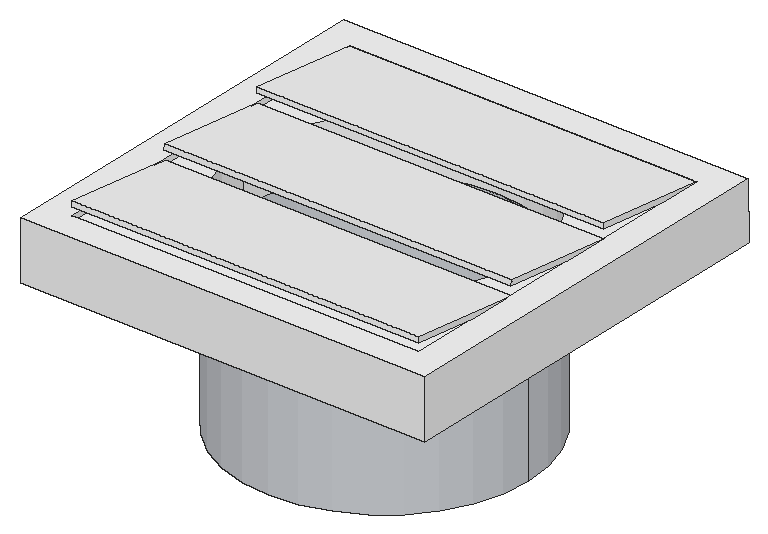
Revit family "71984001-51791101", category Air Terminals, host Face, Revit 2023
Family settings
  Host = Face
  Round Connector Dimension = Use Diameter
  Part Type = Normal
  Cut with Voids When Loaded = No
  Shared = No
  Room Calculation Point = No
Parameters (values of type "154 x 154 x 100mm Dia - Black")
  WorkExecutionLevel = "N/A"
  WeeklyMaintenance = "N/A"
  WarrantyStartDate [instance] = "N/A"
  WarrantyPeriod = "2"
  WarrantyIdentifier = "N/A"
  WarrantyGuarantorParts = "info@airflow.com"
  WarrantyGuarantorLabor = "info@airflow.com"
  WarrantyGuarantor = "Airflow Developments Ltd"
  WarrantyEndDate [instance] = "N/A"
  WarrantyContent = "Replacement of part if faulty"
  Uniclass2015 = "Pr_65_70_46_01"
  TotalSurfaceArea [instance] = 0.02 m²
  TagNumber [instance] = "N/A"
  Status [instance] = "New"
  Square_External_Grille_GravityFlap = CADS_AirFlow_White
  Size = "48 x 140 x 140"
  ShippingWeight = 0.014 kg
  Shape = "Rectangular"
  ServiceLifeType = "EXPECTEDSERVICELIFE"
  ServiceLifeDuration = "10"
  SerialNumber [instance] = "N/A"
  ReplacementCost = "7.944"
  QuarterlyMaintenance = "N/A"
  QualityOfComponents = "N/A"
  ProductionYear = "2017"
  ProductLiterature = "N/A"
  PointOfContact = "Airflow Developments Ltd"
  Perimeter [instance] = 720 mm
  OutdoorEnviornment = "N/A"
  OperationAndMaintenanceManual = "N/A"
  NumberOfSlots = 3
  NominalWidth = 140 mm
  NominalLength = 48 mm
  NominalHeight = 140 mm
  NBSCode = "90-75-50/370 Air terminals;"
  MountingType = "SURFACE"
  MonthlyMaintenance = "N/A"
  ModelReference = "90002004"
  ModelLabel = "154 x 154 x 100mm dia. Gravity Flap (Black)"
  MeanTimeBetweenFailure = "N/A"
  Material = "Plastic"
  ManufacturerWebsite = "www.airflow.com"
  ManufacturerTelephone = "01494 525252"
  ManufacturerE-Mail = "info@airflow.com"
  ManufacturerAddress = "Aidelle House\nLancaster Road\nCressex Business Park\nHigh Wycombe\nBucks\nHP123QP"
  Manufacturer = "Airflow Developments Ltd"
  MaintenanceRequired8001to12000hrs = "N/A"
  MaintenanceRequired601to1000hrs = "N/A"
  MaintenanceRequired4001to8000hrs = "N/A"
  MaintenanceRequired301to600hrs = "N/A"
  MaintenanceRequired2001to4000hrs = "N/A"
  MaintenanceRequired1001to2000hrs = "N/A"
  MaintenanceRequired0to300hrs = "N/A"
  MaintenanceLevel = "N/A"
  IsExtendedWarranty = no
  IndoorEnviornment = "N/A"
  InUseConditions = "N/A"
  ISO90001 = yes
  ISO140001 = yes
  HasThermalInsulation = no
  HasSoundAttenuator = no
  HasIntegralControl = no
  GrossWeight = 0.012 kg
  Gravity_Flap [instance] = yes
  Grade = "Virgin"
  GlobalTradeItemNumber = "N/A"
  GF = 10.00°
  FlowControlType = "DAMPER"
  Flow [instance] = 0.0 L/s
  Features [instance] = "154 x 154 x 100mm dia. Gravity Flap (Black)"
  FaceType = "LOUVERED"
  Exclusions = "Incorrect Use / Incorrect Installation / Installed by a non-accredited electrician. Customer abuse."
  Dv = D - 2 mm  # 98 mm
  DurationUnit = "Years"
  DesignLevel = "N/A"
  Description = "154 x 154 x 100mm dia. Gravity Flap (Black)"
  Default Elevation = 1219.2 mm
  DailyMaintenance = "N/A"
  D = 100 mm
  Constituents = "Black"
  Color = "Black"
  CodePerformance = "N/A"
  CEApproval = yes
  BespokeTimeFrameMaintenance = "N/A"
  B = 20 mm
  AssetType = "Fixed"
  AssetIdentifier [instance] = "N/A"
  AssemblyPlace = "N/A"
  AnnualMaintenance = "N/A"
  AirflowRateRange = "0-61"
  AccessibilityPerformance = "N/A"
  A = 140 mm
  6MonthlyMaintenance = "Visually inspect system, clean the fan and ducting if necessary"
Types (6, lengths in mm): name | TotalSurfaceArea | Size | ShippingWeight | ReplacementCost | Perimeter | NominalWidth | NominalLength | NominalHeight | ModelReference | ModelLabel | GrossWeight | Features | Dv | Description | D | Constituents | Color | A
  (no name) | 0.02 m² | "48 x 140 x 140" | 0.014 kg | "7.944" | 720 | 140 | 48 | 140 | "90002004" | "154 x 154 x 100mm dia. Gravity Flap (Black)" | 0.012 kg | "154 x 154 x 100mm dia. Gravity Flap (Black)" | 98 | "154 x 154 x 100mm dia. Gravity Flap (Black)" | 100 | "Black" | "Black" | 140
  140 x 140 x 100mm Dia - White | 0.0196 m² | "48 x 140 x 140" | 0.0144 kg | "7.944" | 560 | 140 | 48 | 140 | "51791101" | "140 x 140 x 100mm dia. Gravity Flap (White)" | 0.012 kg | "140 x 140 x 100mm dia. Gravity Flap (White)" | 98 | "140 x 140 x 100mm dia. Gravity Flap (White)" | 100 | "White" | "White" | 140
  160 x 160 x 125mm Dia - White | 0.0256 m² | "39 x 160 x 160" | 0.018 kg | "11.124" | 640 | 160 | 39 | 160 | "9041468" | "160 x 160 x 125mm dia. Gravity Flap (White)" | 0.015 kg | "160 x 160 x 125mm dia. Gravity Flap (White)" | 123 | "160 x 160 x 125mm dia. Gravity Flap (White)" | 125 | "White" | "White" | 160
  180 x 180 x 150mm Dia - White | 0.0324 m² | "65 x 180 x 180" | 0.0204 kg | "14.268" | 720 | 180 | 65 | 180 | "71984001" | "180 x 180 x 150mm dia. Gravity Flap (White)" | 0.017 kg | "180 x 180 x 150mm dia. Gravity Flap (White)" | 148 | "180 x 180 x 150mm dia. Gravity Flap (White)" | 150 | "White" | "White" | 180
  187 x 187 x 150mm Dia - Brown | 0.0324 m² | "65 x 180 x 180" | 0.0204 kg | "14.268" | 720 | 180 | 65 | 180 | "90002003" | "187 x 187 x 150mm dia. Gravity Flap (Brown)" | 0.017 kg | "187 x 187 x 150mm dia. Gravity Flap (Brown)" | 148 | "187 x 187 x 150mm dia. Gravity Flap (Brown)" | 150 | "Brown" | "Brown" | 180
  154 x 154 x 100mm Dia - Black | 0.02 m² | "48 x 140 x 140" | 0.014 kg | "7.944" | 720 | 140 | 48 | 140 | "90002004" | "154 x 154 x 100mm dia. Gravity Flap (Black)" | 0.012 kg | "154 x 154 x 100mm dia. Gravity Flap (Black)" | 98 | "154 x 154 x 100mm dia. Gravity Flap (Black)" | 100 | "Black" | "Black" | 140
Reference planes
  plane 1 "Center (Front/Back)": y = 0
  plane 2: z = 0
  plane 3 "Center (Left/Right)": x = 0
  plane 4: x = -70
  plane 5: x = 70
  plane 6: y = 70
  plane 7: y = -70
  plane 8: z = 20
  plane 9: z = 18
  plane 10: z = -50
  plane 11: x = -60
  plane 12: x = 60
  plane 13: y = 60
  plane 14: y = -60
  plane 15: y = 48
  plane 16: y = 48.5
  plane 17: y = 47.5
  plane 18: y = 36
  plane 19: y = 36.5
  plane 20: y = 35.5
  plane 21: y = 24
  plane 22: y = 24.5
  plane 23: y = 23.5
  plane 24: y = 12
  plane 25: y = 12.5
  plane 26: y = 11.5
  plane 27: y = -12
  plane 28: y = -11.5
  plane 29: y = -12.5
  plane 30: y = -24
  plane 31: y = -23.5
  plane 32: y = -24.5
  plane 33: y = -36
  plane 34: y = -35.5
  plane 35: y = -36.5
  plane 36: y = -48
  plane 37: y = -47.5
  plane 38: y = -48.5
  plane 39: y = 0.5
  plane 40: y = -0.5
  plane 41: x = -1
  plane 42: x = 1
  plane 43: z = 13
  plane 44: y = 20
  plane 45: y = -20
Forms (mm)
  Extrusion 1, solid, material "CADS_AirFlow_White", detail levels medium+fine
    sketch origin (0, 0, 0) x (1, 0, 0) y (0, 1, 0)
      loop
        line (-70, 70) -> (-70, -70) -> (70, -70) -> (70, 70) -> (-70, 70)
    from 0 to 18
  Extrusion 2, solid
    sketch origin (0, 0, 0) x (1, 0, 0) y (0, 1, 0)
      loop
        circle (0, 0) r 50
    from -50 to 0
  Extrusion 3, void, detail levels medium+fine
    sketch origin (0, 0, 0) x (1, 0, 0) y (0, 1, 0)
      loop
        circle (0, 0) r 49
    from -50 to 18
  Extrusion 4, solid, material "CADS_AirFlow_White", detail levels medium+fine
    sketch origin (0, 0, 0) x (1, 0, 0) y (0, 1, 0)
      loop
        line (-70, 70) -> (-70, -70) -> (70, -70) -> (70, 70) -> (-70, 70)
      loop
        line (-60, 60) -> (-60, -60) -> (60, -60) -> (60, 60) -> (-60, 60)
    from 18 to 20
  Extrusion 5, solid, material "CADS_AirFlow_White" <- "Square_External_Grille_GravityFlap", detail levels coarse
    sketch origin (0, 0, 0) x (1, 0, 0) y (0, 1, 0)
      loop
        line (-70, 70) -> (-70, -70) -> (70, -70) -> (70, 70) -> (-70, 70)
    from 0 to 20
  Extrusion 6, solid, material "CADS_AirFlow_White" <- "Square_External_Grille_GravityFlap", visible <- "Gravity_Flap"
    sketch origin (0, 0, 0) x (0, 1, 0) y (0, 0, 1)
      loop
        line (60, 20) -> (20, 24.879) -> (19.777, 23.046) -> (59.777, 18.168) -> (60, 20)
      loop
        line (20, 19.837) -> (-20, 24.716) -> (-20.223, 22.884) -> (19.777, 18.005) -> (20, 19.837)
      loop
        line (-20, 19.675) -> (-60, 24.554) -> (-60.223, 22.721) -> (-20.223, 17.842) -> (-20, 19.675)
    from -60 to 60
Cuts and joins
  Extrusion 3 cuts Extrusion 2
  Extrusion 3 cuts Extrusion 1
  joined: Extrusion 1, Extrusion 4
Lines and regions (mm)
  reference lines
    curve 1: line (0, 60, 20) -> (0, 16.447, 25.312)
    curve 2: line (0, 20, 19.837) -> (0, -24.886, 25.312)
    curve 3: line (0, -20, 19.675) -> (0, -66.219, 25.312)
Dimensions and locks
  equal spacing: plane 4, plane 3 "Center (Left/Right)", plane 5
  equal spacing: plane 6, plane 1 "Center (Front/Back)", plane 7
  "A": plane 4 to plane 5
  "A": plane 6 to plane 7
  "B": plane 8 to level
  locked: plane 8 to plane 9 at 2
  locked: level to plane 10 at 50
  locked: plane 6 to plane 13 at 10
  locked: plane 14 to plane 7 at 10
  locked: plane 12 to plane 5 at 10
  locked: plane 4 to plane 11 at 10
  plane 16 to plane 15 to plane 17 = 0.5 mm locked, 0.5 mm locked
  plane 19 to plane 18 to plane 20 = 0.5 mm locked, 0.5 mm locked
  plane 22 to plane 21 to plane 23 = 0.5 mm locked, 0.5 mm locked
  plane 25 to plane 24 to plane 26 = 0.5 mm locked, 0.5 mm locked
  plane 28 to plane 27 to plane 29 = 0.5 mm locked, 0.5 mm locked
  plane 31 to plane 30 to plane 32 = 0.5 mm locked, 0.5 mm locked
  plane 34 to plane 33 to plane 35 = 0.5 mm locked, 0.5 mm locked
  plane 37 to plane 36 to plane 38 = 0.5 mm locked, 0.5 mm locked
  plane 40 to plane 1 "Center (Front/Back)" to plane 39 = 0.5 mm locked, 0.5 mm locked
  plane 41 to plane 3 "Center (Left/Right)" to plane 42 = 1 mm locked, 1 mm locked
  equal spacing: plane 1 "Center (Front/Back)", plane 27, plane 30, plane 33, plane 36, plane 14
  equal spacing: plane 1 "Center (Front/Back)", plane 24, plane 21, plane 18, plane 15, plane 13
  locked: plane 9 to plane 43 at 5
  equal spacing: plane 13, plane 44, plane 45, plane 14
  "D": diameter of Extrusion 2 sketch curve
  "Dv": diameter of Extrusion 3 sketch curve
  aligned and locked: plane 2 to host face
  aligned and locked: level to host face
  aligned and locked: Extrusion 1 sketch curve to plane 6
  aligned and locked: Extrusion 1 sketch curve to plane 5
  aligned and locked: Extrusion 2 to plane 10
  aligned and locked: level to Extrusion 2
  aligned and locked: Extrusion 1 to level
  aligned and locked: plane 9 to Extrusion 1
  aligned and locked: Extrusion 2 to Extrusion 3
  aligned and locked: plane 9 to Extrusion 3
  aligned and locked: plane 4 to Extrusion 4 sketch curve
  aligned and locked: Extrusion 4 sketch curve to plane 5
  aligned and locked: plane 11 to Extrusion 4 sketch curve
  aligned and locked: plane 14 to Extrusion 4 sketch curve
  aligned and locked: Extrusion 4 to plane 9
  aligned and locked: plane 8 to Extrusion 4
  aligned and locked: Extrusion 5 sketch curve to plane 6
  aligned and locked: plane 7 to Extrusion 5 sketch curve
  aligned and locked: plane 8 to Extrusion 5
  aligned and locked: plane 13 to curve 1
  aligned and locked: Extrusion 6 sketch curve to curve 1
  aligned and locked: Extrusion 6 sketch curve to curve 2
  aligned and locked: Extrusion 6 sketch curve to curve 3
  aligned and locked: Extrusion 6 to plane 11
  aligned and locked: plane 12 to Extrusion 6
  aligned and locked: plane 44 to curve 2
  aligned and locked: plane 45 to curve 3
Automatic sketch dimensions
  host sketch curve to host sketch curve = 2438.4 mm  (x2)
  Extrusion 1 sketch curve to plane 4 = 0 mm
  Extrusion 1 sketch curve to plane 7 = 0 mm
  Extrusion 4 sketch curve to plane 12 = 0 mm
  Extrusion 4 sketch curve to plane 7 = 0 mm
  Extrusion 4 sketch curve to plane 13 = 0 mm
  Extrusion 4 sketch curve to plane 6 = 0 mm
  Extrusion 5 sketch curve to plane 4 = 0 mm
  Extrusion 5 sketch curve to plane 5 = 0 mm
  curve 1 to plane 8 = 0 mm
  curve 2 to plane 32 = 0.386 mm
  plane 7 to curve 3 = 3.781 mm
  curve 1 to plane 44 = 3.553 mm
  curve 2 to plane 8 = 0.163 mm
  curve 3 to plane 8 = 0.325 mm
  plane 8 to curve 2 = 5.312 mm
  plane 8 to curve 3 = 5.312 mm
  plane 8 to curve 1 = 5.312 mm
  Extrusion 6 sketch curve to plane 14 = 0 mm
  Extrusion 6 sketch curve to plane 45 = 0 mm  (x2)
  Extrusion 6 sketch curve to plane 44 = 0 mm  (x2)
  Extrusion 6 sketch curve to plane 8 = 0 mm
  Extrusion 6 sketch curve to plane 14 = 0.223 mm
  Extrusion 6 sketch curve to plane 45 = 0.223 mm
  Extrusion 6 sketch curve to plane 44 = 0.223 mm
  plane 1 "Center (Front/Back)" to Extrusion 2 sketch curve = 0 mm
  Extrusion 2 sketch curve to plane 3 "Center (Left/Right)" = 0 mm
  plane 1 "Center (Front/Back)" to Extrusion 3 sketch curve = 0 mm
  Extrusion 3 sketch curve to plane 3 "Center (Left/Right)" = 0 mm
Connectors
  hvac at (0, 0, 0), driven by "D", driven by "Flow"
    settings: on cut or joined group of Extrusion 2, Extrusion 3, index 1, duct flow 0.0 L/s, flow factor 0, pres drop 0.0 Pa, loss coef 0, conn angle 0.00°, conn width 304.8 mm, conn height 304.8 mm, conn diameter 100 mm, duct sys type 4, conn prof type 0, flow config 0, flow direction 2, loss method 0, conn ref index -1, conn util no, is conn primary yes, conn desc ""
